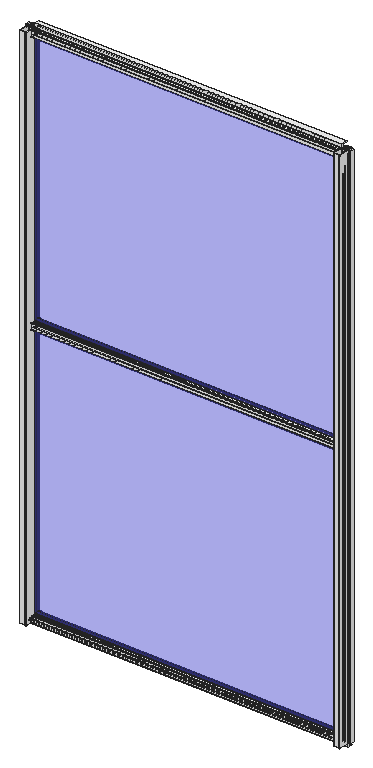
Revit family "Facade_60_Curtain_Wall_E12_Standard", category Windows, host Wall, Revit 2014
Parameters (values of type "F60-E12-3050-1500Pa")
  Windload Design [instance] = if(Custom Windload < 1001 mm, 1000 mm, if(Custom Windload < 1501 mm, 1500 mm, 2000 mm))  # 1000 mm
  Width [instance] = if(Custom Curtain Wall Width < Limit Door Width Min, Limit Door Width Min, if(Custom Curtain Wall Width > Limit Door Width Max, Limit Door Width Max, Custom Curtain Wall Width))  # 2990 mm
  Wall Thickness [instance] = 200 mm
  Vertical Profile Length [instance] = Height - Frame Bottom Gap  # 4960 mm
  URL = "http://www.crealco.co.za/crealco-products.php"
  Type Comments = ""
  Thermal Resistance (R) [instance] = if(IGDB or SAGDB Number = 100100, 1.0000 (m²·K)/W / Intruderprufe U Value, if(IGDB or SAGDB Number = 100100, 1.0000 (m²·K)/W / Intruderprufe U Value, if(IGDB or SAGDB Number = 105003, 1.0000 (m²·K)/W / Intruderprufe Insulated U Value, if(IGDB or SAGDB Number = 105004, 1.0000 (m²·K)/W / Intruderprufe Insulated LowE U Value, 1.0000 (m²·K)/W / 7.9)))) * 1  # 0.126582 (m²·K)/W
  Thermal Break Material = Plastic, Opaque Black
  Solar Heat Gain Coefficient [instance] = if(IGDB or SAGDB Number = 100100, Intruderprufe SHGC Value, if(IGDB or SAGDB Number = 103200, Intruderprufe LowE SHGC Value, if(IGDB or SAGDB Number = 105003, Intruderprufe Insulated SHGC Value, if(IGDB or SAGDB Number = 105004, Intruderprufe Insulated LowE SHGC Value, 0))))  # 0
  Single Glazing [instance] = if(DG Forced, 1 = 0, not(Double Glazing))  # no
  Sill Height = 85 mm  # constant formula
  SG Forced [instance] = not(DG Forced)  # no
  Quarter Expansion Break = no
  Overall Width [instance] = 2990 mm
  Overall Height [instance] = 4990 mm
  Mullion Configuration = 1 mm  # constant formula
  Model = "Façade 60 "  # constant formula
  Mid Transom Bottom Gap [instance] = (Height - Frame Bottom Gap) / 2  # 2480 mm
  Max System DG Unit Thickness = 25 mm  # constant formula
  Max System DG One Piece Thickness [instance] = rounddown((Max System DG Unit Thickness - DG Gasket Thickness) / 2 mm) * 1 mm  # 6 mm
  Max Pane Area [instance] = Glazing Width * Glazing Height  # 7.07344 m²
  Manufacturer = "Crealco"  # constant formula
  Limit Door Width Min = Limit Panel Width Min + (2 * Glazing Side Gap)  # 379.6 mm
  Limit Door Width Max = Limit Panel Width Max + (2 * Glazing Side Gap)  # 3079.6 mm
  Limit Door Height Min = (2 * Limit Panel Height Min) + 69.8 mm + (1 mm * 19.6) + 39.8 mm  # 729.2 mm
  Limit Door Height Max = (2 * Limit Panel Height Max) + 69.8 mm + (1 mm * 19.6) + 39.8 mm  # 12129.2 mm
  Limit Panel Width Min = 300 mm  # constant formula
  Limit Panel Width Max = 3000 mm  # constant formula
  Limit Panel Height Min = 300 mm  # constant formula
  Limit Panel Height Max = 6000 mm  # constant formula
  Sill Length [instance] = Width  # 2990 mm
  Length Sill [instance] = Width  # 2990 mm
  Keynote = ""
  Jamb Width = 60 mm  # constant formula
  Intruderprufe U Value = 5.76
  Intruderprufe SHGC Value = 0.744
  Intruderprufe LowE U Value = 3.99
  Intruderprufe LowE SHGC Value = 0.651
  Intruderprufe Insulated U Value = 2.91
  Intruderprufe Insulated SHGC Value = 0.639
  Intruderprufe Insulated LowE U Value = 0.22
  Intruderprufe Insulated LowE SHGC Value = 0.576
  Horizontal Profile Length [instance] = Width - (2 * Jamb Width)  # 2870 mm
  Half Expansion Break = no
  Glazing Width [instance] = Horizontal Profile Length + (2 mm * 20.2)  # 2910.4 mm
  Glazing Top Gap = 39.8 mm  # constant formula
  Glazing Side Gap = 39.8 mm  # constant formula
  Glazing Height [instance] = (Height - Glazing Top Gap - Glazing Bottom Gap - (60 mm - 20.2 mm - 20.2 mm)) / 2  # 2430.4 mm
  Glazing Gap SG [instance] = (14 mm - SG Thickness) / 2  # 2 mm
  Glazing Gap DG [instance] = (28 mm - (DG Thickness + DG Thickness + DG Gasket Thickness)) / 2  # 2 mm
  Glazing Bottom Gap = 69.8 mm  # constant formula
  Frame Thickness = 101.8 mm  # constant formula
  Frame Bottom Gap = 30 mm  # constant formula
  Door Leaf Height [instance] = 2050 mm
  Double Glazing [instance] = yes
  DG Thickness Calc [instance] = if(not(Max Pane Area > 1.125 m²), 4 mm, if(not(Max Pane Area > 2.25 m²), 4 mm, if(not(Max Pane Area > 3.15 m²), 5 mm, if(not(Max Pane Area > 4.35 m²), 6 mm, if(not(Max Pane Area > 6.45 m²), 8 mm, 10 mm)))))  # 10 mm
  DG Thickness [instance] = if(IGDB or SAGDB Number = 105003, 6 mm, if(IGDB or SAGDB Number = 105004, 7 mm, if(DG Thickness Calc > Max System DG One Piece Thickness, Max System DG One Piece Thickness, DG Thickness Calc)))  # 6 mm
  DG Gasket Thickness = 12 mm  # constant formula
  DG Gasket Finish [instance] = Double Glazing Gasket Material
  DG Forced [instance] = if(IGDB or SAGDB Number = 100100, 1 = 0, if(IGDB or SAGDB Number = 103200, 1 = 0, if(IGDB or SAGDB Number = 105003, 1 = 1, if(IGDB or SAGDB Number = 105004, 1 = 1, Double Glazing))))  # yes
  IGDB or SAGDB Number [instance] = 0
  Height [instance] = if(Custom Curtain Wall Height < Limit Door Height Min, Limit Door Height Min, if(Custom Curtain Wall Height > Limit Door Height Max, Limit Door Height Max, Custom Curtain Wall Height))  # 4990 mm
  Heat Transfer Coefficient (U) [instance] = if(IGDB or SAGDB Number = 100100, Intruderprufe U Value, if(IGDB or SAGDB Number = 103200, Intruderprufe LowE U Value, if(IGDB or SAGDB Number = 105003, Intruderprufe Insulated U Value, if(IGDB or SAGDB Number = 105004, Intruderprufe Insulated LowE U Value, 7.9)))) * 1.0000 W/(m²·K)  # 7.9000 W/(m²·K)
  SG Thickness [instance] = if(IGDB or SAGDB Number = 100100, 6 mm, if(IGDB or SAGDB Number = 103200, 7 mm, if(not(Max Pane Area > 0.75 m²), 4 mm, if(not(Max Pane Area > 1.50 m²), 4 mm, if(not(Max Pane Area > 2.10 m²), 5 mm, if(not(Max Pane Area > 2.90 m²), 6.4 mm, if(not(Max Pane Area > 4.30 m²), 8 mm, 10 mm)))))))  # 10 mm
  Glazing Material [instance] = if(IGDB or SAGDB Number = 100100, "PFG INTRUDERPRUFE 6.38mm", if(IGDB or SAGDB Number = 103200, "PFG INTRUDERPRUFE LOW-E 7.38mm", if(IGDB or SAGDB Number = 105003, "PFG 25mm INTRUDERPRUFE INSULATED GLASS", if(IGDB or SAGDB Number = 105004, "PFG 25mm INTRUDERPRUFE INSULATED GLASS LOW-E", "Unknown"))))  # "Unknown"
  Glazing Finish [instance] = Glass
  Glazing Code [instance] = if(IGDB or SAGDB Number = 100100, "LAM01", if(IGDB or SAGDB Number = 103200, "LAM01E", if(IGDB or SAGDB Number = 105003, "IGU25", if(IGDB or SAGDB Number = 105004, "IGU25E", "Unknown"))))  # "Unknown"
  Frame Offset From Exterior [instance] = if(Centered In Wall, (Wall Thickness - Frame Thickness) / 2, Custom Offset From Exterior) + 5.9 mm  # 55 mm
  Description = "Curtain wall, E12"  # constant formula
  Default Sill Height = 0 mm
  Wall Closure = By host
  Custom Curtain Wall Width = 2990 mm
  Custom Curtain Wall Height = 4990 mm
  Custom Windload = 1000 mm
  Custom Offset From Exterior = 10 mm
  Centered In Wall [instance] = 1 = 1  # yes
  Aluminium Finish [instance] = White Powder Coated Aluminium ANP 1052
  All Available Glazing Numbers [instance] = "The rows below list the available glazing materials for this window:"  # constant formula
  190mm Mullion = if(Mullion Configuration = 3 mm, 1 = 1, 1 = 0)  # no
  160mm Mullion = if(Mullion Configuration = 2 mm, 1 = 1, 1 = 0)  # no
  105004 [instance] = "IGU25E"  # constant formula
  105003 [instance] = "IGU25"  # constant formula
  103200 [instance] = "LAM01E"  # constant formula
  100mm Mullion = if(or(Mullion Configuration = 2 mm, Mullion Configuration = 3 mm), 1 = 0, 1 = 1)  # yes
  100100 [instance] = "LAM01"  # constant formula
Reference planes
  plane 1 "Center (Front/Back)": y = 0
  plane 2 "Center (Left/Right)": x = 0
  plane 3 "Left": x = -1495
  plane 4 "Right": x = 1495
  plane 5 "Sill": z = 0
  plane 6 "Head": z = 4990
  plane 7 "Exterior": y = 100
  plane 8 "Interior": y = -100
Lines and regions (mm)
  Opening 1
    outline origin (3507.082, -100, 0) x (1, 0, 0) y (0, 0, 1)
      loop
        line (-2012.082, 0) -> (-2012.082, 4990) -> (-5002.082, 4990) -> (-5002.082, 0) -> (-2012.082, 0)
Text (mm)
  text "EXTERIOR" at (-1963.203, 1332.353, 0), in view "Ref. Level"
  text "INTERIOR" at (-1981.466, -818.386, 0), in view "Ref. Level"
  text "Exterior" at (0, 923.751, 2943.296), in view "Right"
  text "Exterior" at (0, 1040.484, 2685.409), in view "Left"
Dimensions and locks
  equal spacing: plane 3 "Left", plane 2 "Center (Left/Right)", plane 4 "Right"
  "Width": plane 3 "Left" to plane 4 "Right"
  "Height": plane 5 "Sill" to plane 6 "Head"
  "Default Sill Height": plane 5 "Sill" to level
  locked: plane 7 "Exterior" to host wall at 0
  locked: plane 8 "Interior" to host wall
  "Overall Height": plane 6 "Head" to plane 5 "Sill"
  "Overall Width": plane 3 "Left" to plane 4 "Right"
  "Wall Thickness": host wall to host wall
  "Jamb Width": nested 3 to plane 4 "Right"
  "Jamb Width": nested 5 to plane 4 "Right"
  "Frame Bottom Gap": nested 5 to level
  "Frame Offset From Exterior": nested 1 to plane 7 "Exterior"
  "Glazing Side Gap": nested 6 to plane 4 "Right"
  "Glazing Top Gap": nested 6 to plane 6 "Head"
  "Glazing Gap SG": nested 6 to nested 1
  "Glazing Side Gap": nested 7 to plane 4 "Right"
  "Glazing Top Gap": nested 7 to plane 6 "Head"
  "Glazing Gap DG": nested 7 to nested 1
  "Jamb Width": nested 8 to plane 4 "Right"
  "Mid Transom Bottom Gap": nested 8 to level
  "Glazing Side Gap": nested 9 to plane 4 "Right"
  "Glazing Side Gap": nested 10 to plane 4 "Right"
  "Glazing Gap SG": nested 10 to nested 1
  "Glazing Gap DG": nested 9 to nested 1
  "Glazing Bottom Gap": nested 9 to level
  "Glazing Bottom Gap": nested 10 to level
  locked: nested 1 to nested 5 at 8.887
  aligned and locked: plane 4 "Right" to nested 1
  aligned and locked: nested 1 to plane 6 "Head"
  aligned and locked: plane 3 "Left" to nested 2
  aligned and locked: plane 6 "Head" to nested 2
  aligned and locked: nested 3 to plane 6 "Head"
  aligned and locked: nested 1 to nested 3
  aligned and locked: nested 4 to level
  aligned and locked: plane 4 "Right" to nested 4
  aligned and locked: nested 1 to nested 2
  aligned and locked: nested 5 to nested 4
  aligned and locked: nested 8 to nested 3
Automatic sketch dimensions
  plane 3 "Left" to Opening 1 sketch curve = 0 mm
  plane 4 "Right" to Opening 1 sketch curve = 0 mm
  Opening 1 sketch curve to plane 5 "Sill" = 0 mm
  Opening 1 sketch curve to plane 6 "Head" = 0 mm
Nested families
  nested 1: "F60 Vertical Profile Side_E12_Std" at (1495, -1.058, 30) x (-1, 0, 0) z (0, 0, 1), Thermal Break Material <- "Thermal Break Material", Profile Material <- "Aluminium Finish", Length <- "Vertical Profile Length", Single Glazing <- "SG Forced", Double Glazing <- "DG Forced", 100mm Mullion <- "100mm Mullion", 160mm Mullion <- "160mm Mullion", 190mm Mullion <- "190mm Mullion", Quarter Expansion Break <- "Quarter Expansion Break", Half Expansion Break <- "Half Expansion Break", type "F60 Vertical Profile Side_E12_Std"
    with Thermal Break Material Plastic, Opaque Black, Single Glazing no, Quarter SG Expansion Break no, Quarter Length 1240 mm, Quarter Expansion Break no, Quarter DG Expansion Break no, Quarter 190mm Expansion Break no, Quarter 160mm Expansion Break no, Quarter 100mm Expansion Break no, Profile Material White Powder Coated Aluminium ANP 1052, Length 4960 mm, Half SG Expansion Break no, Half Length 2480 mm, Half Expansion Break no, Half DG Expansion Break no, Half 190mm Expansion Joint no, Half 160mm Expansion Break no, Half 100mm Expansion Break no, Double Glazing yes, 190mm Mullion no, 160mm Mullion no, 100mm Mullion yes
  nested 2: "F60 Vertical Profile Side_E12_Std" at (-1495, -1.058, 30), Thermal Break Material <- "Thermal Break Material", Profile Material <- "Aluminium Finish", Length <- "Vertical Profile Length", Single Glazing <- "SG Forced", Double Glazing <- "DG Forced", 100mm Mullion <- "100mm Mullion", 160mm Mullion <- "160mm Mullion", 190mm Mullion <- "190mm Mullion", Quarter Expansion Break <- "Quarter Expansion Break", Half Expansion Break <- "Half Expansion Break", type "F60 Vertical Profile Side_E12_Std"
    with Thermal Break Material Plastic, Opaque Black, Single Glazing no, Quarter SG Expansion Break no, Quarter Length 1240 mm, Quarter Expansion Break no, Quarter DG Expansion Break no, Quarter 190mm Expansion Break no, Quarter 160mm Expansion Break no, Quarter 100mm Expansion Break no, Profile Material White Powder Coated Aluminium ANP 1052, Length 4960 mm, Half SG Expansion Break no, Half Length 2480 mm, Half Expansion Break no, Half DG Expansion Break no, Half 190mm Expansion Joint no, Half 160mm Expansion Break no, Half 100mm Expansion Break no, Double Glazing yes, 190mm Mullion no, 160mm Mullion no, 100mm Mullion yes
  nested 3: "F60 Horizontal Profile Top_E12_Std" at (1435, -50.858, 4930) x (-1, 0, 0) z (0, 0, 1), Thermal Break Material <- "Thermal Break Material", Profile Material <- "Aluminium Finish", Length <- "Horizontal Profile Length", Single Glazing <- "SG Forced", Double Glazing <- "DG Forced", type "F60 Horizontal Profile Top_E12_Std"
    with Thermal Break Material Plastic, Opaque Black, Single Glazing no, Profile Material White Powder Coated Aluminium ANP 1052, Length 2870 mm, Double Glazing yes
  nested 4: "F60 Sill_E12_Std" at (1495, -13.486, -1.88) x (-1, 0, 0) z (0, 0, 1), Profile Material <- "Aluminium Finish", Length Sill <- "Length Sill", type "F60 Sill_E12_Std"
    with Profile Material White Powder Coated Aluminium ANP 1052, Length Sill 2990 mm
  nested 5: "F60 Horizontal Profile Bottom_E12_Std" at (1435, -50.858, 30) x (-1, 0, 0) z (0, 0, 1), Thermal Break Material <- "Thermal Break Material", Profile Material <- "Aluminium Finish", Length <- "Horizontal Profile Length", Single Glazing <- "SG Forced", Double Glazing <- "DG Forced", type "F60 Horizontal Profile Bottom_E12_Std"
    with Thermal Break Material Plastic, Opaque Black, Single Glazing no, Profile Material White Powder Coated Aluminium ANP 1052, Length 2870 mm, Double Glazing yes
  nested 6: "F60_Single_Glazing_E12_Std" at (1455.2, 10.942, 2519.8), Glazing Width <- "Glazing Width", Glazing Height <- "Glazing Height", SG Thickness <- "SG Thickness", Glazing Finish <- "Glazing Finish", visible <- "SG Forced", type "F60_Single_Glazing_E12_Std"
    with SG Thickness 10 mm, Glazing Width 2910.4 mm, Glazing Height 2430.4 mm, Glazing Finish Glass
  nested 7: "F60_Double_Glazing_E12_Std" at (1455.2, 24.942, 2519.8), Glazing Material <- "Glazing Finish", Double Glazing Gasket Material <- "DG Gasket Finish", Glazing Width <- "Glazing Width", Glazing Height <- "Glazing Height", Glazing Thickness DG <- "DG Thickness", Double Glazing Gasket Thickness <- "DG Gasket Thickness", visible <- "DG Forced", type "F60_Double_Glazing_E12_Std"
    with Glazing Width 2910.4 mm, Glazing Thickness DG 6 mm, Glazing Material Glass, Glazing Height 2430.4 mm, Double Glazing Gasket Thickness 12 mm, Double Glazing Gasket Material Double Glazing Gasket Material
  nested 8: "F60 Horizontal Profile Middle_E12_Std" at (1435, -50.858, 2480) x (-1, 0, 0) z (0, 0, 1), Thermal Break Material <- "Thermal Break Material", Profile Material <- "Aluminium Finish", Length <- "Horizontal Profile Length", Single Glazing <- "SG Forced", Double Glazing <- "DG Forced", type "F60 Horizontal Profile Middle_E12_Std"
    with Thermal Break Material Plastic, Opaque Black, Single Glazing no, Profile Material White Powder Coated Aluminium ANP 1052, Length 2870 mm, Double Glazing yes
  nested 9: "F60_Double_Glazing_E12_Std" at (1455.2, 24.942, 69.8), Glazing Material <- "Glazing Finish", Double Glazing Gasket Material <- "DG Gasket Finish", Glazing Width <- "Glazing Width", Glazing Height <- "Glazing Height", Glazing Thickness DG <- "DG Thickness", Double Glazing Gasket Thickness <- "DG Gasket Thickness", visible <- "DG Forced", type "F60_Double_Glazing_E12_Std"
    with Glazing Width 2910.4 mm, Glazing Thickness DG 6 mm, Glazing Material Glass, Glazing Height 2430.4 mm, Double Glazing Gasket Thickness 12 mm, Double Glazing Gasket Material Double Glazing Gasket Material
  nested 10: "F60_Single_Glazing_E12_Std" at (1455.2, 10.942, 69.8), Glazing Width <- "Glazing Width", Glazing Height <- "Glazing Height", SG Thickness <- "SG Thickness", Glazing Finish <- "Glazing Finish", visible <- "SG Forced", type "F60_Single_Glazing_E12_Std"
    with SG Thickness 10 mm, Glazing Width 2910.4 mm, Glazing Height 2430.4 mm, Glazing Finish Glass
Definition of nested family "F60 Vertical Profile Side_E12_Std"
  Parameters (values of type "F60 Vertical Profile Side")
    Quarter SG Expansion Break [instance] = if(and(Quarter Expansion Break, Single Glazing), 1 = 1, 1 = 0)  # yes
    Quarter Length [instance] = Length / 4  # 62.5 mm
    Thermal Break Material [instance] = none
    Single Glazing [instance] = yes
    Quarter Expansion Break [instance] = yes
    Quarter DG Expansion Break [instance] = if(and(Quarter Expansion Break, Double Glazing), 1 = 1, 1 = 0)  # yes
    Quarter 190mm Expansion Break [instance] = if(and(Quarter Expansion Break, [190mm Mullion]), 1 = 1, 1 = 0)  # yes
    Quarter 160mm Expansion Break [instance] = if(and(Quarter Expansion Break, [160mm Mullion]), 1 = 1, 1 = 0)  # yes
    Quarter 100mm Expansion Break [instance] = if(and(Quarter Expansion Break, [100mm Mullion]), 1 = 1, 1 = 0)  # yes
    Profile Material [instance] = none
    Length [instance] = 250 mm
    Half SG Expansion Break [instance] = if(and(Half Expansion Break, Single Glazing), 1 = 1, 1 = 0)  # yes
    Half Length [instance] = Length / 2  # 125 mm
    Half Expansion Break [instance] = yes
    Half DG Expansion Break [instance] = if(and(Half Expansion Break, Double Glazing), 1 = 1, 1 = 0)  # yes
    Half 190mm Expansion Joint [instance] = if(and(Half Expansion Break, [190mm Mullion]), 1 = 1, 1 = 0)  # yes
    Half 160mm Expansion Break [instance] = if(and(Half Expansion Break, [160mm Mullion]), 1 = 1, 1 = 0)  # yes
    Half 100mm Expansion Break [instance] = if(and(Half Expansion Break, [100mm Mullion]), 1 = 1, 1 = 0)  # yes
    Double Glazing [instance] = yes
    190mm Mullion [instance] = yes
    160mm Mullion [instance] = yes
    100mm Mullion [instance] = yes
  Reference planes
    plane 1 "Center (Front/Back)": y = 0
    plane 2: z = 0
    plane 3 "Center (Left/Right)": x = 0
  Forms (mm)
    Extrusion 1, solid, material <- "Profile Material"
      sketch origin (0, 0, 0) x (1, 0, 0) y (0, 1, 0)
        loop
          arc (25.249, -8.7) -> (25.484, -9.266) -> (26.049, -9.5) r 0.8
          line (26.049, -9.5) -> (27.1, -9.5) -> (27.1, 7) -> (32.902, 7) -> (32.902, -9.5) -> (33.951, -9.5)
          arc (33.951, -9.5) -> (34.516, -9.266) -> (34.751, -8.7) r 0.8
          line (34.751, -8.7) -> (34.751, 6.2)
          arc (34.751, 6.2) -> (34.985, 6.766) -> (35.551, 7) r 0.8
          line (35.551, 7) -> (52.1, 7) -> (52.1, 5.4) -> (50.55, 5.4) -> (50.55, 4.55)
          arc (50.55, 4.55) -> (50.726, 4.126) -> (51.15, 3.95) r 0.6
          line (51.15, 3.95) -> (52.1, 3.95) -> (52.1, 1)
          arc (52.1, 1) -> (51.6, 0.5) -> (52.1, 0) r 0.5
          line (52.1, 0) -> (54.45, 0) -> (54.45, 1.15) -> (53.3, 1.15) -> (53.3, 2.45) -> (58.8, 2.45) -> (58.8, 1.15) -> (57.65, 1.15) -> (57.65, 0) -> (59.5, 0)
          arc (59.5, 0) -> (59.854, 0.146) -> (60, 0.5) r 0.5
          line (60, 0.5) -> (60, 3.9) -> (53.55, 3.9) -> (53.55, 7.6)
          arc (53.55, 7.6) -> (53.316, 8.166) -> (52.75, 8.4) r 0.8
          line (52.75, 8.4) -> (30, 8.4) -> (7.25, 8.4)
          arc (7.25, 8.4) -> (6.684, 8.166) -> (6.45, 7.6) r 0.8
          line (6.45, 7.6) -> (6.45, 3.9) -> (0, 3.9) -> (0, 0.5)
          arc (0, 0.5) -> (0.146, 0.146) -> (0.5, 0) r 0.5
          line (0.5, 0) -> (2.35, 0) -> (2.35, 1.15) -> (1.2, 1.15) -> (1.2, 2.45) -> (6.7, 2.45) -> (6.7, 1.15) -> (5.55, 1.15) -> (5.55, 0) -> (7.9, 0)
          arc (7.9, 0) -> (8.4, 0.5) -> (7.9, 1) r 0.5
          line (7.9, 1) -> (7.9, 3.95) -> (8.85, 3.95)
          arc (8.85, 3.95) -> (9.274, 4.126) -> (9.45, 4.55) r 0.6
          line (9.45, 4.55) -> (9.45, 5.4) -> (7.9, 5.4) -> (7.9, 7) -> (24.449, 7)
          arc (24.449, 7) -> (25.015, 6.766) -> (25.249, 6.2) r 0.8
          line (25.249, 6.2) -> (25.249, -8.7)
      from 0 to 250 <- "Length"
    Extrusion 2, solid, material <- "Thermal Break Material"
      sketch origin (0, 0, 0) x (1, 0, 0) y (0, 1, 0)
        loop
          line (1.75, 9.8) -> (1.75, 5.2) -> (0, 5.2) -> (0, 3.9) -> (6.35, 3.9) -> (6.35, 7.856)
          arc (6.35, 7.856) -> (6.526, 8.281) -> (6.95, 8.456) r 0.6
          line (6.95, 8.456) -> (30, 8.456) -> (53.05, 8.456)
          arc (53.05, 8.456) -> (53.474, 8.281) -> (53.65, 7.856) r 0.6
          line (53.65, 7.856) -> (53.65, 3.9) -> (60, 3.9) -> (60, 5.2) -> (58.25, 5.2) -> (58.25, 9.8) -> (30, 9.8) -> (1.75, 9.8)
      from 0 to 250 <- "Length"
    Extrusion 3, solid, material <- "Thermal Break Material", visible <- "Single Glazing"
      sketch origin (0, 0, 0) x (1, 0, 0) y (0, 1, 0)
        loop
          line (25.749, -14.011) -> (27.672, -14.011) -> (28.481, -12.611) -> (31.518, -12.611) -> (32.327, -14.011) -> (34.249, -14.011)
          arc (34.249, -14.011) -> (34.603, -13.864) -> (34.749, -13.511) r 0.5
          line (34.749, -13.511) -> (34.749, -10.011)
          arc (34.749, -10.011) -> (34.603, -9.657) -> (34.249, -9.511) r 0.5
          line (34.249, -9.511) -> (32.352, -9.511) -> (32.352, 0.19) -> (31.349, 2.261)
          arc (31.349, 2.261) -> (29.999, 2.986) -> (28.649, 2.261) r 1.62
          line (28.649, 2.261) -> (27.647, 0.19) -> (27.647, -9.511) -> (25.749, -9.511)
          arc (25.749, -9.511) -> (25.396, -9.657) -> (25.249, -10.011) r 0.5
          line (25.249, -10.011) -> (25.249, -13.511)
          arc (25.249, -13.511) -> (25.396, -13.864) -> (25.749, -14.011) r 0.5
        loop
          line (28.504, -10.005) -> (28.504, -10.861)
          arc (28.504, -10.861) -> (28.651, -11.214) -> (29.004, -11.361) r 0.5
          line (29.004, -11.361) -> (30.994, -11.361)
          arc (30.994, -11.361) -> (31.348, -11.214) -> (31.494, -10.861) r 0.5
          line (31.494, -10.861) -> (31.494, -10.005) -> (30.708, -9.219)
          arc (30.708, -9.219) -> (30.383, -9.001) -> (29.999, -8.924) r 1.007
          arc (29.999, -8.924) -> (29.616, -8.999) -> (29.292, -9.217) r 0.986
          line (29.292, -9.217) -> (28.504, -10.005)
        loop
          arc (30.896, 1.935) -> (29.887, 2.44) -> (29.005, 1.735) r 1.047
          line (29.005, 1.735) -> (28.347, 0.374) -> (28.347, -6.993)
          arc (28.347, -6.993) -> (28.583, -7.417) -> (29.068, -7.441) r 0.5
          arc (29.068, -7.441) -> (29.999, -7.223) -> (30.93, -7.441) r 2.099
          arc (30.93, -7.441) -> (31.416, -7.417) -> (31.652, -6.993) r 0.5
          line (31.652, -6.993) -> (31.652, 0.374) -> (30.896, 1.935)
      from 0 to 250 <- "Length"
    Extrusion 4, solid, material <- "Profile Material", visible <- "Single Glazing"
      sketch origin (0, 0, 0) x (1, 0, 0) y (0, 1, 0)
        loop
          line (52.693, -14.011) -> (32.327, -14.011) -> (31.519, -12.611) -> (28.481, -12.611) -> (27.673, -14.011) -> (7.307, -14.011) -> (7.307, -15.011) -> (8.457, -15.011) -> (8.457, -16.261) -> (2.957, -16.261) -> (2.957, -15.011) -> (4.107, -15.011) -> (4.107, -14.011) -> (1.707, -14.011)
          arc (1.707, -14.011) -> (1.199, -14.293) -> (1.168, -14.873) r 0.6
          line (1.168, -14.873) -> (2.093, -16.772) -> (1.015, -17.298) -> (1.484, -18.261) -> (11.488, -18.261)
          arc (11.488, -18.261) -> (11.913, -18.085) -> (12.088, -17.661) r 0.6
          line (12.088, -17.661) -> (12.088, -16.811) -> (47.912, -16.811) -> (47.912, -17.661)
          arc (47.912, -17.661) -> (48.088, -18.085) -> (48.512, -18.261) r 0.6
          line (48.512, -18.261) -> (58.518, -18.261) -> (58.987, -17.298) -> (57.908, -16.772) -> (58.834, -14.874)
          arc (58.834, -14.874) -> (58.802, -14.293) -> (58.293, -14.011) r 0.6
          line (58.293, -14.011) -> (55.893, -14.011) -> (55.893, -15.011) -> (57.043, -15.011) -> (57.043, -16.261) -> (51.543, -16.261) -> (51.543, -15.011) -> (52.693, -15.011) -> (52.693, -14.011)
      from 0 to 250 <- "Length"
    Extrusion 5, solid, material <- "Profile Material", visible <- "Single Glazing"
      sketch origin (0, 0, 0) x (1, 0, 0) y (0, 1, 0)
        loop
          line (2.801, -18.261) -> (1.484, -18.261) -> (1.015, -17.298) -> (2.093, -16.772) -> (0.779, -14.076)
          arc (0.779, -14.076) -> (0.239, -14.21) -> (0.001, -14.713) r 0.65
          line (0.001, -14.713) -> (0.001, -28.068)
          arc (0.001, -28.068) -> (1.172, -30.897) -> (4.001, -32.068) r 4
          line (4.001, -32.068) -> (30.001, -32.068) -> (56.001, -32.068)
          arc (56.001, -32.068) -> (58.829, -30.897) -> (60.001, -28.068) r 4
          line (60.001, -28.068) -> (60.001, -14.713)
          arc (60.001, -14.713) -> (59.763, -14.21) -> (59.223, -14.076) r 0.65
          line (59.223, -14.076) -> (57.908, -16.772) -> (58.987, -17.298) -> (58.518, -18.261) -> (57.201, -18.261)
          arc (57.201, -18.261) -> (56.83, -18.425) -> (56.703, -18.811) r 0.5
          arc (56.703, -18.811) -> (56.83, -19.196) -> (57.201, -19.361) r 0.5
          line (57.201, -19.361) -> (58.951, -19.361) -> (58.951, -27.968)
          arc (58.951, -27.968) -> (58.131, -29.948) -> (56.151, -30.768) r 2.8
          line (56.151, -30.768) -> (30.001, -30.768) -> (3.851, -30.768)
          arc (3.851, -30.768) -> (1.871, -29.948) -> (1.051, -27.968) r 2.8
          line (1.051, -27.968) -> (1.051, -19.361) -> (2.801, -19.361)
          arc (2.801, -19.361) -> (3.172, -19.196) -> (3.298, -18.811) r 0.5
          arc (3.298, -18.811) -> (3.172, -18.425) -> (2.801, -18.261) r 0.5
      from 0 to 250 <- "Length"
    Extrusion 6, solid, material <- "Profile Material", visible <- "100mm Mullion"
      sketch origin (0, 0, 0) x (1, 0, 0) y (0, 1, 0)
        loop
          line (14.02, 13) -> (45.98, 13)
          arc (45.98, 13) -> (46.539, 12.842) -> (46.917, 12.4) r 1
          arc (46.917, 12.4) -> (47.285, 11.963) -> (47.833, 11.8) r 1
          line (47.833, 11.8) -> (58.15, 11.8) -> (58.15, 96.3) -> (47.833, 96.3)
          arc (47.833, 96.3) -> (47.285, 96.137) -> (46.917, 95.7) r 1
          arc (46.917, 95.7) -> (46.548, 95.263) -> (46, 95.1) r 1
          line (46, 95.1) -> (14, 95.1)
          arc (14, 95.1) -> (13.452, 95.263) -> (13.083, 95.7) r 1
          arc (13.083, 95.7) -> (12.715, 96.137) -> (12.167, 96.3) r 1
          line (12.167, 96.3) -> (1.85, 96.3) -> (1.85, 11.8) -> (12.167, 11.8)
          arc (12.167, 11.8) -> (12.715, 11.963) -> (13.083, 12.4) r 1
          arc (13.083, 12.4) -> (13.461, 12.842) -> (14.02, 13) r 1
        loop
          line (1.65, 9.856) -> (58.35, 9.856) -> (58.35, 5.2) -> (60, 5.2) -> (60, 98.8)
          arc (60, 98.8) -> (59.707, 99.507) -> (59, 99.8) r 1
          line (59, 99.8) -> (1, 99.8)
          arc (1, 99.8) -> (0.293, 99.507) -> (0, 98.8) r 1
          line (0, 98.8) -> (0, 5.2) -> (1.65, 5.2) -> (1.65, 9.856)
      from 0 to 250 <- "Length"
    Extrusion 7, solid, material <- "Profile Material", visible <- "160mm Mullion"
      sketch origin (0, 0, 0) x (1, 0, 0) y (0, 1, 0)
        loop
          arc (2.35, 15.6) -> (2.526, 15.176) -> (2.95, 15) r 0.6
          line (2.95, 15) -> (57.05, 15)
          arc (57.05, 15) -> (57.474, 15.176) -> (57.65, 15.6) r 0.6
          line (57.65, 15.6) -> (57.65, 153.7)
          arc (57.65, 153.7) -> (57.474, 154.124) -> (57.05, 154.3) r 0.6
          line (57.05, 154.3) -> (47.833, 154.3)
          arc (47.833, 154.3) -> (47.285, 154.137) -> (46.917, 153.7) r 1
          arc (46.917, 153.7) -> (46.548, 153.263) -> (46, 153.1) r 1
          line (46, 153.1) -> (14, 153.1)
          arc (14, 153.1) -> (13.452, 153.263) -> (13.083, 153.7) r 1
          arc (13.083, 153.7) -> (12.715, 154.137) -> (12.167, 154.3) r 1
          line (12.167, 154.3) -> (2.95, 154.3)
          arc (2.95, 154.3) -> (2.526, 154.124) -> (2.35, 153.7) r 0.6
          line (2.35, 153.7) -> (2.35, 15.6)
        loop
          arc (1, 159.8) -> (0.293, 159.507) -> (0, 158.8) r 1
          line (0, 158.8) -> (0, 5.2) -> (1.65, 5.2) -> (1.65, 10.013) -> (58.35, 10.013) -> (58.35, 5.2) -> (60, 5.2) -> (60, 158.8)
          arc (60, 158.8) -> (59.707, 159.507) -> (59, 159.8) r 1
          line (59, 159.8) -> (1, 159.8)
      from 0 to 250 <- "Length"
    Extrusion 8, solid, material <- "Profile Material", visible <- "190mm Mullion"
      sketch origin (0, 0, 0) x (1, 0, 0) y (0, 1, 0)
        loop
          line (57.25, 15.1) -> (57.25, 178.3)
          arc (57.25, 178.3) -> (56.957, 179.007) -> (56.25, 179.3) r 1
          line (56.25, 179.3) -> (3.75, 179.3)
          arc (3.75, 179.3) -> (3.043, 179.007) -> (2.75, 178.3) r 1
          line (2.75, 178.3) -> (2.75, 15.1)
          arc (2.75, 15.1) -> (2.984, 14.534) -> (3.55, 14.3) r 0.8
          line (3.55, 14.3) -> (56.45, 14.3)
          arc (56.45, 14.3) -> (57.016, 14.534) -> (57.25, 15.1) r 0.8
        loop
          line (60, 5.2) -> (60, 188.8)
          arc (60, 188.8) -> (59.707, 189.507) -> (59, 189.8) r 1
          line (59, 189.8) -> (1, 189.8)
          arc (1, 189.8) -> (0.293, 189.507) -> (0, 188.8) r 1
          line (0, 188.8) -> (0, 5.2) -> (1.65, 5.2) -> (1.65, 9.856) -> (58.35, 9.856) -> (58.35, 5.2) -> (60, 5.2)
      from 0 to 250 <- "Length"
    Extrusion 9, solid, material <- "Thermal Break Material", visible <- "Double Glazing"
      sketch origin (0, 0, 0) x (1, 0, 0) y (0, 1, 0)
        loop
          line (27.672, -28) -> (28.48, -26.6) -> (31.518, -26.6) -> (32.326, -28) -> (34.249, -28)
          arc (34.249, -28) -> (34.603, -27.854) -> (34.749, -27.5) r 0.5
          line (34.749, -27.5) -> (34.749, -10)
          arc (34.749, -10) -> (34.603, -9.646) -> (34.249, -9.5) r 0.5
          line (34.249, -9.5) -> (32.352, -9.5) -> (32.352, 0.198) -> (31.348, 2.272)
          arc (31.348, 2.272) -> (29.998, 2.997) -> (28.648, 2.272) r 1.62
          line (28.648, 2.272) -> (27.645, 0.201) -> (27.645, -9.5) -> (25.749, -9.5)
          arc (25.749, -9.5) -> (25.396, -9.646) -> (25.249, -10) r 0.5
          line (25.249, -10) -> (25.249, -27.5)
          arc (25.249, -27.5) -> (25.396, -27.854) -> (25.749, -28) r 0.5
          line (25.749, -28) -> (27.672, -28)
        loop
          arc (30.706, -9.206) -> (30.382, -8.99) -> (29.999, -8.913) r 1.007
          arc (29.999, -8.913) -> (29.616, -8.988) -> (29.292, -9.206) r 0.986
          line (29.292, -9.206) -> (27.142, -11.356)
          arc (27.142, -11.356) -> (26.926, -11.68) -> (26.849, -12.063) r 1
          line (26.849, -12.063) -> (26.849, -24)
          arc (26.849, -24) -> (27.142, -24.707) -> (27.849, -25) r 1
          line (27.849, -25) -> (32.149, -25)
          arc (32.149, -25) -> (32.856, -24.707) -> (33.149, -24) r 1
          line (33.149, -24) -> (33.149, -12.063)
          arc (33.149, -12.063) -> (33.073, -11.68) -> (32.856, -11.356) r 1
          line (32.856, -11.356) -> (30.706, -9.206)
        loop
          arc (28.345, -6.982) -> (28.581, -7.407) -> (29.067, -7.43) r 0.5
          arc (29.067, -7.43) -> (29.998, -7.213) -> (30.929, -7.43) r 2.099
          arc (30.929, -7.43) -> (31.414, -7.407) -> (31.651, -6.982) r 0.5
          line (31.651, -6.982) -> (31.651, 0.385) -> (30.895, 1.946)
          arc (30.895, 1.946) -> (29.885, 2.45) -> (29.004, 1.745) r 1.047
          line (29.004, 1.745) -> (28.345, 0.385) -> (28.345, -6.982)
      from 0 to 250 <- "Length"
    Extrusion 10, solid, material <- "Profile Material", visible <- "Double Glazing"
      sketch origin (0, 0, 0) x (1, 0, 0) y (0, 1, 0)
        loop
          line (52.692, -28) -> (32.327, -28) -> (31.518, -26.6) -> (28.48, -26.6) -> (27.672, -28) -> (7.306, -28) -> (7.306, -29) -> (8.456, -29) -> (8.456, -30.25) -> (2.956, -30.25) -> (2.956, -29) -> (4.106, -29) -> (4.106, -28) -> (1.706, -28)
          arc (1.706, -28) -> (1.198, -28.282) -> (1.167, -28.863) r 0.6
          line (1.167, -28.863) -> (2.093, -30.762) -> (1.014, -31.288) -> (1.483, -32.25) -> (11.488, -32.25)
          arc (11.488, -32.25) -> (11.912, -32.074) -> (12.088, -31.65) r 0.6
          line (12.088, -31.65) -> (12.088, -30.8) -> (47.911, -30.8) -> (47.911, -31.65)
          arc (47.911, -31.65) -> (48.087, -32.074) -> (48.511, -32.25) r 0.6
          line (48.511, -32.25) -> (58.517, -32.25) -> (58.986, -31.288) -> (57.907, -30.762) -> (58.833, -28.864)
          arc (58.833, -28.864) -> (58.801, -28.282) -> (58.292, -28) r 0.6
          line (58.292, -28) -> (55.892, -28) -> (55.892, -29) -> (57.042, -29) -> (57.042, -30.25) -> (51.542, -30.25) -> (51.542, -29) -> (52.692, -29) -> (52.692, -28)
      from 0 to 250 <- "Length"
    Extrusion 11, solid, material <- "Profile Material", visible <- "Double Glazing"
      sketch origin (0, 0, 0) x (1, 0, 0) y (0, 1, 0)
        loop
          line (2.8, -32.25) -> (1.483, -32.25) -> (1.014, -31.288) -> (2.093, -30.762) -> (0.778, -28.065)
          arc (0.778, -28.065) -> (0.238, -28.2) -> (0, -28.702) r 0.65
          line (0, -28.702) -> (0, -42.058)
          arc (0, -42.058) -> (1.172, -44.886) -> (4, -46.058) r 4
          line (4, -46.058) -> (30, -46.058) -> (56, -46.058)
          arc (56, -46.058) -> (58.828, -44.886) -> (60, -42.058) r 4
          line (60, -42.058) -> (60, -28.702)
          arc (60, -28.702) -> (59.762, -28.2) -> (59.222, -28.065) r 0.65
          line (59.222, -28.065) -> (57.907, -30.762) -> (58.986, -31.288) -> (58.517, -32.25) -> (57.2, -32.25)
          arc (57.2, -32.25) -> (56.829, -32.415) -> (56.703, -32.8) r 0.5
          arc (56.703, -32.8) -> (56.829, -33.185) -> (57.2, -33.35) r 0.5
          line (57.2, -33.35) -> (58.95, -33.35) -> (58.95, -41.958)
          arc (58.95, -41.958) -> (58.13, -43.938) -> (56.15, -44.758) r 2.8
          line (56.15, -44.758) -> (30, -44.758) -> (3.85, -44.758)
          arc (3.85, -44.758) -> (1.87, -43.938) -> (1.05, -41.958) r 2.8
          line (1.05, -41.958) -> (1.05, -33.35) -> (2.8, -33.35)
          arc (2.8, -33.35) -> (3.171, -33.185) -> (3.297, -32.8) r 0.5
          arc (3.297, -32.8) -> (3.171, -32.415) -> (2.8, -32.25) r 0.5
      from 0 to 250 <- "Length"
    Extrusion 12, solid, material <- "Profile Material", visible <- "Single Glazing"
      sketch origin (0, 0, 0) x (1, 0, 0) y (0, 1, 0)
        loop
          line (10.403, -10.171) -> (10.403, -3.821) -> (-21.349, -3.821) -> (-21.349, -35.567) -> (-14.999, -35.567) -> (-14.999, -10.171) -> (10.403, -10.171)
      from 0 to 250 <- "Length"
    Extrusion 13, solid, material <- "Profile Material", visible <- "Double Glazing"
      sketch origin (0, 0, 0) x (1, 0, 0) y (0, 1, 0)
        loop
          line (10.402, -7.775) -> (10.402, -1.425) -> (-21.35, -1.425) -> (-21.35, -33.172) -> (-15, -33.172) -> (-15, -7.775) -> (10.402, -7.775)
      from 0 to 250 <- "Length"
    Extrusion 14, solid, material <- "Profile Material", visible <- "Double Glazing"
      sketch origin (0, 0, 0) x (1, 0, 0) y (0, 1, 0)
        loop
          line (12, -7.775) -> (0, -7.775) -> (0, -25.775) -> (12, -25.775) -> (12, -7.775)
        loop
          line (10.8, -8.975) -> (1.2, -8.975) -> (1.2, -24.575) -> (10.8, -24.575) -> (10.8, -8.975)
      from 0 to 250 <- "Length"
  Lines and regions (mm)
    model lines, style "GenericModelHiddenLines", visible <- "Half 100mm Expansion Break"
      curve 1: line (60, 5.2, 125) -> (60, 95.2, 125)
      curve 2: line (60, 99.8, 125) -> (0, 99.8, 125)
      curve 8: line (0, 5.2, 125) -> (0, 95.2, 125)
    model lines, style "GenericModelHiddenLines", visible <- "Quarter 100mm Expansion Break"
      curve 3: line (60, 5.2, 187.5) -> (60, 95.2, 187.5)
      curve 4: line (60, 5.2, 62.5) -> (60, 95.2, 62.5)
      curve 5: line (60, 99.8, 62.5) -> (0, 99.8, 62.5)
      curve 6: line (60, 99.8, 187.5) -> (0, 99.8, 187.5)
      curve 7: line (0, 5.2, 187.5) -> (0, 95.2, 187.5)
      curve 9: line (0, 5.2, 62.5) -> (0, 95.2, 62.5)
    model lines, style "GenericModelHiddenLines", visible <- "Half SG Expansion Break"
      curve 10: line (4.107, -32.068, 125) -> (55.893, -32.068, 125)
      curve 14: line (60.001, -14.011, 125) -> (60.001, -32.068, 125)
    model lines, style "GenericModelHiddenLines", visible <- "Quarter SG Expansion Break"
      curve 11: line (4.107, -32.068, 187.5) -> (56.703, -32.068, 187.5)
      curve 12: line (4.107, -32.068, 62.5) -> (56.703, -32.068, 62.5)
      curve 13: line (60.001, -14.011, 187.5) -> (60.001, -32.068, 187.5)
      curve 15: line (60.001, -14.011, 62.5) -> (60.001, -32.068, 62.5)
    model lines, style "GenericModelHiddenLines", visible <- "Quarter 160mm Expansion Break"
      curve 16: line (0, 5.2, 187.5) -> (0, 155.2, 187.5)
      curve 18: line (0, 5.2, 62.5) -> (0, 155.2, 62.5)
      curve 19: line (0, 159.8, 187.5) -> (60, 159.8, 187.5)
      curve 21: line (0, 159.8, 62.5) -> (60, 159.8, 62.5)
      curve 22: line (60, 5.2, 187.5) -> (60, 155.2, 187.5)
      curve 24: line (60, 5.2, 62.5) -> (60, 155.2, 62.5)
    model lines, style "GenericModelHiddenLines", visible <- "Half 160mm Expansion Break"
      curve 17: line (0, 5.2, 125) -> (0, 155.2, 125)
      curve 20: line (0, 159.8, 125) -> (60, 159.8, 125)
      curve 23: line (60, 5.2, 125) -> (60, 155.2, 125)
    model lines, style "GenericModelHiddenLines", visible <- "Quarter 190mm Expansion Break"
      curve 25: line (0, 5.2, 187.5) -> (0, 185.2, 187.5)
      curve 27: line (0, 5.2, 62.5) -> (0, 185.2, 62.5)
      curve 28: line (0.779, 189.8, 187.5) -> (59.222, 189.8, 187.5)
      curve 30: line (0.779, 189.8, 62.5) -> (59.222, 189.8, 62.5)
      curve 31: line (60, 5.2, 187.5) -> (60, 185.2, 187.5)
      curve 33: line (60, 5.2, 62.5) -> (60, 185.2, 62.5)
    model lines, style "GenericModelHiddenLines", visible <- "Half 190mm Expansion Joint"
      curve 26: line (0, 5.2, 125) -> (0, 185.2, 125)
      curve 29: line (0.779, 189.8, 125) -> (59.222, 189.8, 125)
      curve 32: line (60, 5.2, 125) -> (60, 185.2, 125)
    model lines, style "GenericModelHiddenLines", visible <- "Quarter DG Expansion Break"
      curve 34: line (60, -28.065, 187.5) -> (60, -46.074, 187.5)
      curve 36: line (60, -28.065, 62.5) -> (60, -46.027, 62.5)
      curve 37: line (59.222, -46.058, 187.5) -> (0.779, -46.058, 187.5)
      curve 39: line (59.222, -46.058, 62.5) -> (0.779, -46.058, 62.5)
    model lines, style "GenericModelHiddenLines", visible <- "Half DG Expansion Break"
      curve 35: line (60, -28.065, 125) -> (60, -46.074, 125)
      curve 38: line (59.222, -46.058, 125) -> (0.779, -46.058, 125)
  Dimensions and locks
    "Half Length": curve 1 to level
    "Half Length": level to curve 2
    "Quarter Length": curve 4 to level
    "Quarter Length": Extrusion 8 to curve 3
    "Quarter Length": level to curve 5
    "Quarter Length": curve 6 to Extrusion 6
    "Quarter Length": curve 9 to level
    "Half Length": curve 8 to level
    "Quarter Length": Extrusion 8 to curve 7
    "Quarter Length": curve 12 to level
    "Half Length": curve 10 to level
    "Quarter Length": Extrusion 5 to curve 11
    "Quarter Length": curve 15 to level
    "Half Length": curve 14 to level
    "Quarter Length": Extrusion 5 to curve 13
    "Quarter Length": Extrusion 7 to curve 18
    "Half Length": Extrusion 7 to curve 17
    "Quarter Length": Extrusion 7 to curve 16
    "Quarter Length": Extrusion 7 to curve 21
    "Quarter Length": curve 19 to Extrusion 7
    "Half Length": Extrusion 7 to curve 20
    "Quarter Length": Extrusion 7 to curve 24
    "Quarter Length": Extrusion 7 to curve 22
    "Half Length": Extrusion 7 to curve 23
    "Quarter Length": Extrusion 8 to curve 27
    "Quarter Length": Extrusion 8 to curve 25
    "Half Length": Extrusion 8 to curve 26
    "Quarter Length": Extrusion 8 to curve 30
    "Quarter Length": curve 28 to Extrusion 8
    "Half Length": Extrusion 8 to curve 29
    "Quarter Length": Extrusion 8 to curve 33
    "Quarter Length": Extrusion 8 to curve 31
    "Half Length": Extrusion 8 to curve 32
    "Quarter Length": Extrusion 11 to curve 36
    "Quarter Length": Extrusion 11 to curve 34
    "Half Length": Extrusion 11 to curve 35
    "Quarter Length": Extrusion 11 to curve 37
    "Quarter Length": curve 39 to Extrusion 11
    "Half Length": curve 38 to Extrusion 11
    aligned and locked: level to plane 2
  Automatic sketch dimensions
    Extrusion 1 sketch curve to plane 3 "Center (Left/Right)" = 0 mm
    plane 1 "Center (Front/Back)" to Extrusion 1 sketch curve = 0 mm  (x4)
    plane 3 "Center (Left/Right)" to Extrusion 1 sketch curve = 0.5 mm
    Extrusion 1 sketch curve to Extrusion 1 sketch curve = 0.7 mm  (x2)
    Extrusion 1 sketch curve to Extrusion 1 sketch curve = 1.15 mm  (x4)
    Extrusion 1 sketch curve to Extrusion 1 sketch curve = 3.2 mm  (x2)
    Extrusion 1 sketch curve to Extrusion 1 sketch curve = 0.9 mm
    Extrusion 1 sketch curve to Extrusion 1 sketch curve = 0.25 mm
    Extrusion 1 sketch curve to Extrusion 1 sketch curve = 0.8 mm  (x7)
    Extrusion 1 sketch curve to Extrusion 1 sketch curve = 1.45 mm  (x2)
    Extrusion 1 sketch curve to Extrusion 1 sketch curve = 0.65 mm  (x3)
    Extrusion 1 sketch curve to Extrusion 1 sketch curve = 0.95 mm  (x3)
    Extrusion 1 sketch curve to Extrusion 1 sketch curve = 0.6 mm  (x3)
    Extrusion 1 sketch curve to plane 1 "Center (Front/Back)" = 7 mm
    Extrusion 1 sketch curve to Extrusion 1 sketch curve = 14.999 mm  (x2)
    plane 1 "Center (Front/Back)" to Extrusion 1 sketch curve = 8.7 mm
    Extrusion 1 sketch curve to Extrusion 1 sketch curve = 1.85 mm
    Extrusion 1 sketch curve to Extrusion 1 sketch curve = 2.9 mm
    Extrusion 1 sketch curve to Extrusion 1 sketch curve = 5.802 mm
    Extrusion 1 sketch curve to Extrusion 1 sketch curve = 1.049 mm
    Extrusion 1 sketch curve to plane 1 "Center (Front/Back)" = 4.55 mm
    Extrusion 1 sketch curve to plane 1 "Center (Front/Back)" = 0.5 mm  (x3)
    Extrusion 1 sketch curve to Extrusion 1 sketch curve = 1.2 mm
    Extrusion 1 sketch curve to plane 1 "Center (Front/Back)" = 1.15 mm  (x2)
    Extrusion 1 sketch curve to Extrusion 1 sketch curve = 0 mm
    Extrusion 1 sketch curve to Extrusion 1 sketch curve = 1.3 mm  (x2)
    Extrusion 1 sketch curve to Extrusion 1 sketch curve = 0.05 mm  (x2)
    Extrusion 1 sketch curve to Extrusion 1 sketch curve = 0.85 mm  (x2)
    Extrusion 1 sketch curve to plane 1 "Center (Front/Back)" = 6.2 mm
    Extrusion 2 sketch curve to plane 3 "Center (Left/Right)" = 0 mm
    plane 3 "Center (Left/Right)" to Extrusion 2 sketch curve = 1.75 mm
    Extrusion 2 sketch curve to Extrusion 2 sketch curve = 4.6 mm  (x4)
    Extrusion 2 sketch curve to Extrusion 2 sketch curve = 0.6 mm  (x2)
    Extrusion 2 sketch curve to plane 1 "Center (Front/Back)" = 9.8 mm
    Extrusion 2 sketch curve to Extrusion 2 sketch curve = 23.05 mm  (x2)
    Extrusion 2 sketch curve to Extrusion 2 sketch curve = 0 mm
    Extrusion 2 sketch curve to plane 1 "Center (Front/Back)" = 8.456 mm
    Extrusion 2 sketch curve to Extrusion 2 sketch curve = 1.75 mm
    Extrusion 2 sketch curve to plane 1 "Center (Front/Back)" = 3.9 mm  (x2)
    plane 3 "Center (Left/Right)" to Extrusion 3 sketch curve = 25.249 mm
    Extrusion 3 sketch curve to Extrusion 3 sketch curve = 0.5 mm  (x6)
    Extrusion 3 sketch curve to plane 1 "Center (Front/Back)" = 0.19 mm  (x2)
    Extrusion 3 sketch curve to Extrusion 3 sketch curve = 1.897 mm  (x2)
    Extrusion 3 sketch curve to Extrusion 3 sketch curve = 1.922 mm  (x2)
    Extrusion 3 sketch curve to plane 1 "Center (Front/Back)" = 0.374 mm  (x2)
    Extrusion 3 sketch curve to Extrusion 3 sketch curve = 0.7 mm  (x2)
    plane 1 "Center (Front/Back)" to Extrusion 3 sketch curve = 12.611 mm
    Extrusion 3 sketch curve to Extrusion 3 sketch curve = 0.809 mm
    Extrusion 3 sketch curve to Extrusion 3 sketch curve = 0.858 mm
    Extrusion 3 sketch curve to plane 1 "Center (Front/Back)" = 2.261 mm  (x2)
    Extrusion 3 sketch curve to Extrusion 3 sketch curve = 0.303 mm
    Extrusion 3 sketch curve to plane 1 "Center (Front/Back)" = 1.735 mm
    Extrusion 3 sketch curve to Extrusion 3 sketch curve = 0.356 mm
    plane 1 "Center (Front/Back)" to Extrusion 3 sketch curve = 9.217 mm
    Extrusion 3 sketch curve to Extrusion 3 sketch curve = 0.788 mm
    Extrusion 3 sketch curve to Extrusion 3 sketch curve = 0.701 mm
    Extrusion 3 sketch curve to Extrusion 3 sketch curve = 0.003 mm
    Extrusion 3 sketch curve to Extrusion 3 sketch curve = 0.992 mm
    Extrusion 3 sketch curve to Extrusion 3 sketch curve = 0.006 mm
    Extrusion 3 sketch curve to Extrusion 3 sketch curve = 0.002 mm
    plane 1 "Center (Front/Back)" to Extrusion 3 sketch curve = 9.219 mm
    Extrusion 3 sketch curve to Extrusion 3 sketch curve = 0.709 mm
    Extrusion 3 sketch curve to plane 1 "Center (Front/Back)" = 1.935 mm
    Extrusion 3 sketch curve to Extrusion 3 sketch curve = 0.899 mm
    Extrusion 3 sketch curve to Extrusion 3 sketch curve = 0.998 mm
    Extrusion 3 sketch curve to Extrusion 3 sketch curve = 0.444 mm
    Extrusion 3 sketch curve to Extrusion 3 sketch curve = 0.524 mm
    Extrusion 3 sketch curve to Extrusion 3 sketch curve = 0.756 mm
    Extrusion 3 sketch curve to Extrusion 3 sketch curve = 0.808 mm
    Extrusion 3 sketch curve to Extrusion 3 sketch curve = 0.9 mm  (x2)
    Extrusion 3 sketch curve to Extrusion 3 sketch curve = 1.25 mm
    Extrusion 3 sketch curve to Extrusion 3 sketch curve = 0.85 mm  (x2)
    Extrusion 3 sketch curve to Extrusion 3 sketch curve = 0.856 mm  (x2)
    Extrusion 3 sketch curve to Extrusion 3 sketch curve = 0.714 mm
    Extrusion 3 sketch curve to Extrusion 3 sketch curve = 0.02 mm
    Extrusion 3 sketch curve to Extrusion 3 sketch curve = 0.399 mm
    Extrusion 3 sketch curve to Extrusion 3 sketch curve = 2.224 mm
    Extrusion 3 sketch curve to Extrusion 3 sketch curve = 0.448 mm
    Extrusion 3 sketch curve to Extrusion 3 sketch curve = 0.032 mm
    Extrusion 3 sketch curve to Extrusion 3 sketch curve = 0 mm
    plane 3 "Center (Left/Right)" to Extrusion 4 sketch curve = 1.015 mm
    Extrusion 4 sketch curve to Extrusion 4 sketch curve = 0.469 mm
    plane 3 "Center (Left/Right)" to Extrusion 4 sketch curve = 1.707 mm
    Extrusion 4 sketch curve to Extrusion 4 sketch curve = 1.079 mm
    Extrusion 4 sketch curve to Extrusion 4 sketch curve = 0.864 mm
    Extrusion 4 sketch curve to Extrusion 4 sketch curve = 1.15 mm  (x4)
    Extrusion 4 sketch curve to Extrusion 4 sketch curve = 3.2 mm  (x2)
    Extrusion 4 sketch curve to Extrusion 4 sketch curve = 3.031 mm  (x2)
    Extrusion 4 sketch curve to Extrusion 4 sketch curve = 0.6 mm  (x3)
    Extrusion 4 sketch curve to Extrusion 4 sketch curve = 15.584 mm  (x2)
    plane 1 "Center (Front/Back)" to Extrusion 4 sketch curve = 12.611 mm
    Extrusion 4 sketch curve to Extrusion 4 sketch curve = 0.808 mm  (x2)
    Extrusion 4 sketch curve to Extrusion 4 sketch curve = 3.038 mm
    plane 1 "Center (Front/Back)" to Extrusion 4 sketch curve = 14.011 mm
    plane 1 "Center (Front/Back)" to Extrusion 4 sketch curve = 16.772 mm
    Extrusion 4 sketch curve to Extrusion 4 sketch curve = 0.865 mm
    Extrusion 4 sketch curve to Extrusion 4 sketch curve = 1.25 mm  (x4)
    plane 1 "Center (Front/Back)" to Extrusion 4 sketch curve = 18.261 mm
    Extrusion 4 sketch curve to Extrusion 4 sketch curve = 0.61 mm
    plane 1 "Center (Front/Back)" to Extrusion 4 sketch curve = 17.298 mm
    Extrusion 4 sketch curve to Extrusion 4 sketch curve = 5.65 mm
    Extrusion 4 sketch curve to Extrusion 4 sketch curve = 0.962 mm
    Extrusion 4 sketch curve to Extrusion 4 sketch curve = 0.85 mm
    Extrusion 4 sketch curve to Extrusion 4 sketch curve = 0.512 mm  (x2)
    Extrusion 4 sketch curve to Extrusion 4 sketch curve = 1 mm  (x2)
    Extrusion 4 sketch curve to Extrusion 4 sketch curve = 0.4 mm  (x2)
    Extrusion 4 sketch curve to Extrusion 4 sketch curve = 1.4 mm
    Extrusion 4 sketch curve to Extrusion 4 sketch curve = 0.539 mm  (x2)
    Extrusion 4 sketch curve to Extrusion 4 sketch curve = 0 mm
    plane 1 "Center (Front/Back)" to Extrusion 4 sketch curve = 14.874 mm
    plane 3 "Center (Left/Right)" to Extrusion 5 sketch curve = 0.001 mm
    Extrusion 5 sketch curve to Extrusion 5 sketch curve = 0.65 mm  (x2)
    Extrusion 5 sketch curve to Extrusion 5 sketch curve = 0.128 mm  (x2)
    plane 3 "Center (Left/Right)" to Extrusion 5 sketch curve = 1.015 mm
    plane 3 "Center (Left/Right)" to Extrusion 5 sketch curve = 1.051 mm
    Extrusion 5 sketch curve to Extrusion 5 sketch curve = 0.469 mm  (x2)
    Extrusion 5 sketch curve to Extrusion 5 sketch curve = 1.079 mm
    Extrusion 5 sketch curve to Extrusion 5 sketch curve = 1.317 mm  (x2)
    Extrusion 5 sketch curve to Extrusion 5 sketch curve = 0 mm  (x3)
    plane 3 "Center (Left/Right)" to Extrusion 5 sketch curve = 3.851 mm
    Extrusion 5 sketch curve to Extrusion 5 sketch curve = 0.15 mm  (x2)
    Extrusion 5 sketch curve to Extrusion 5 sketch curve = 26 mm  (x2)
    Extrusion 5 sketch curve to Extrusion 5 sketch curve = 1.05 mm
    plane 1 "Center (Front/Back)" to Extrusion 5 sketch curve = 16.772 mm
    Extrusion 5 sketch curve to Extrusion 5 sketch curve = 0.707 mm
    Extrusion 5 sketch curve to Extrusion 5 sketch curve = 0.433 mm
    plane 1 "Center (Front/Back)" to Extrusion 5 sketch curve = 17.298 mm
    plane 1 "Center (Front/Back)" to Extrusion 5 sketch curve = 14.076 mm
    Extrusion 5 sketch curve to Extrusion 5 sketch curve = 0.5 mm  (x2)
    plane 1 "Center (Front/Back)" to Extrusion 5 sketch curve = 18.761 mm
    Extrusion 5 sketch curve to Extrusion 5 sketch curve = 0.1 mm  (x3)
    Extrusion 5 sketch curve to Extrusion 5 sketch curve = 1.1 mm  (x2)
    Extrusion 5 sketch curve to Extrusion 5 sketch curve = 8.608 mm
    Extrusion 5 sketch curve to Extrusion 5 sketch curve = 0.962 mm
    Extrusion 6 sketch curve to plane 3 "Center (Left/Right)" = 0 mm
    plane 3 "Center (Left/Right)" to Extrusion 6 sketch curve = 1 mm
    plane 3 "Center (Left/Right)" to Extrusion 6 sketch curve = 1.65 mm
    plane 3 "Center (Left/Right)" to Extrusion 6 sketch curve = 1.85 mm
    Extrusion 6 sketch curve to Extrusion 6 sketch curve = 10.317 mm  (x3)
    Extrusion 6 sketch curve to Extrusion 6 sketch curve = 1.833 mm  (x4)
    Extrusion 6 sketch curve to Extrusion 6 sketch curve = 0.02 mm  (x2)
    Extrusion 6 sketch curve to plane 1 "Center (Front/Back)" = 13 mm
    Extrusion 6 sketch curve to Extrusion 6 sketch curve = 31.961 mm
    Extrusion 6 sketch curve to Extrusion 6 sketch curve = 32 mm
    Extrusion 6 sketch curve to Extrusion 6 sketch curve = 0.2 mm  (x5)
    Extrusion 6 sketch curve to Extrusion 6 sketch curve = 0.85 mm
    Extrusion 6 sketch curve to Extrusion 6 sketch curve = 1.65 mm
    Extrusion 6 sketch curve to Extrusion 6 sketch curve = 1 mm  (x8)
    Extrusion 6 sketch curve to Extrusion 6 sketch curve = 1.944 mm
    Extrusion 6 sketch curve to Extrusion 6 sketch curve = 4.656 mm  (x2)
    Extrusion 6 sketch curve to Extrusion 6 sketch curve = 82.1 mm
    Extrusion 6 sketch curve to Extrusion 6 sketch curve = 2.5 mm
    Extrusion 7 sketch curve to plane 3 "Center (Left/Right)" = 0 mm
    Extrusion 7 sketch curve to Extrusion 7 sketch curve = 1 mm  (x3)
    plane 3 "Center (Left/Right)" to Extrusion 7 sketch curve = 1.65 mm
    plane 3 "Center (Left/Right)" to Extrusion 7 sketch curve = 2.35 mm
    Extrusion 7 sketch curve to Extrusion 7 sketch curve = 0.6 mm  (x3)
    Extrusion 7 sketch curve to Extrusion 7 sketch curve = 9.217 mm  (x2)
    Extrusion 7 sketch curve to Extrusion 7 sketch curve = 1.833 mm  (x2)
    Extrusion 7 sketch curve to Extrusion 7 sketch curve = 32 mm
    Extrusion 7 sketch curve to plane 1 "Center (Front/Back)" = 15 mm
    Extrusion 7 sketch curve to Extrusion 7 sketch curve = 54.1 mm
    Extrusion 7 sketch curve to Extrusion 7 sketch curve = 1.3 mm
    Extrusion 7 sketch curve to Extrusion 7 sketch curve = 1.95 mm
    Extrusion 7 sketch curve to Extrusion 7 sketch curve = 1.65 mm
    Extrusion 7 sketch curve to Extrusion 7 sketch curve = 4.987 mm
    Extrusion 7 sketch curve to Extrusion 7 sketch curve = 4.813 mm
    Extrusion 7 sketch curve to Extrusion 7 sketch curve = 4.812 mm
    Extrusion 7 sketch curve to Extrusion 7 sketch curve = 137.5 mm
    Extrusion 7 sketch curve to Extrusion 7 sketch curve = 0.2 mm  (x2)
    Extrusion 7 sketch curve to Extrusion 7 sketch curve = 0.4 mm  (x2)
    Extrusion 7 sketch curve to Extrusion 7 sketch curve = 4.5 mm
    Extrusion 8 sketch curve to plane 3 "Center (Left/Right)" = 0 mm
    Extrusion 8 sketch curve to Extrusion 8 sketch curve = 1 mm  (x3)
    plane 3 "Center (Left/Right)" to Extrusion 8 sketch curve = 1.65 mm
    plane 3 "Center (Left/Right)" to Extrusion 8 sketch curve = 2.75 mm
    Extrusion 8 sketch curve to Extrusion 8 sketch curve = 0.8 mm  (x2)
    Extrusion 8 sketch curve to Extrusion 8 sketch curve = 52.5 mm
    Extrusion 8 sketch curve to plane 1 "Center (Front/Back)" = 15.1 mm
    Extrusion 8 sketch curve to Extrusion 8 sketch curve = 52.9 mm
    Extrusion 8 sketch curve to Extrusion 8 sketch curve = 1.9 mm
    Extrusion 8 sketch curve to Extrusion 8 sketch curve = 2.75 mm
    Extrusion 8 sketch curve to Extrusion 8 sketch curve = 4.444 mm
    Extrusion 8 sketch curve to Extrusion 8 sketch curve = 4.656 mm  (x2)
    Extrusion 8 sketch curve to Extrusion 8 sketch curve = 163.2 mm
    Extrusion 8 sketch curve to Extrusion 8 sketch curve = 9.5 mm
    plane 3 "Center (Left/Right)" to Extrusion 9 sketch curve = 25.249 mm
    Extrusion 9 sketch curve to Extrusion 9 sketch curve = 0.5 mm  (x4)
    Extrusion 9 sketch curve to Extrusion 9 sketch curve = 1.1 mm
    plane 1 "Center (Front/Back)" to Extrusion 9 sketch curve = 11.356 mm  (x2)
    Extrusion 9 sketch curve to Extrusion 9 sketch curve = 0.293 mm  (x2)
    Extrusion 9 sketch curve to Extrusion 9 sketch curve = 1.896 mm
    Extrusion 9 sketch curve to Extrusion 9 sketch curve = 1.922 mm
    Extrusion 9 sketch curve to Extrusion 9 sketch curve = 1 mm  (x2)
    Extrusion 9 sketch curve to Extrusion 9 sketch curve = 0.7 mm
    Extrusion 9 sketch curve to Extrusion 9 sketch curve = 0.808 mm
    Extrusion 9 sketch curve to plane 1 "Center (Front/Back)" = 2.272 mm  (x2)
    Extrusion 9 sketch curve to Extrusion 9 sketch curve = 0.303 mm
    Extrusion 9 sketch curve to plane 1 "Center (Front/Back)" = 1.745 mm
    Extrusion 9 sketch curve to Extrusion 9 sketch curve = 0.356 mm
    plane 1 "Center (Front/Back)" to Extrusion 9 sketch curve = 9.206 mm  (x2)
    Extrusion 9 sketch curve to Extrusion 9 sketch curve = 1.647 mm
    Extrusion 9 sketch curve to Extrusion 9 sketch curve = 0.701 mm
    Extrusion 9 sketch curve to Extrusion 9 sketch curve = 0.992 mm
    Extrusion 9 sketch curve to Extrusion 9 sketch curve = 0.003 mm
    Extrusion 9 sketch curve to Extrusion 9 sketch curve = 0.002 mm
    Extrusion 9 sketch curve to Extrusion 9 sketch curve = 0.004 mm
    Extrusion 9 sketch curve to Extrusion 9 sketch curve = 0.708 mm
    Extrusion 9 sketch curve to plane 1 "Center (Front/Back)" = 1.946 mm
    Extrusion 9 sketch curve to Extrusion 9 sketch curve = 0.899 mm
    Extrusion 9 sketch curve to Extrusion 9 sketch curve = 0.444 mm
    Extrusion 9 sketch curve to Extrusion 9 sketch curve = 3.038 mm
    Extrusion 9 sketch curve to plane 1 "Center (Front/Back)" = 0.385 mm  (x2)
    Extrusion 9 sketch curve to Extrusion 9 sketch curve = 0.756 mm
    Extrusion 9 sketch curve to Extrusion 9 sketch curve = 2.153 mm
    Extrusion 9 sketch curve to Extrusion 9 sketch curve = 0.631 mm
    Extrusion 9 sketch curve to Extrusion 9 sketch curve = 0.807 mm
    Extrusion 9 sketch curve to Extrusion 9 sketch curve = 1.646 mm
    Extrusion 9 sketch curve to Extrusion 9 sketch curve = 0.707 mm
    Extrusion 9 sketch curve to Extrusion 9 sketch curve = 1.393 mm
    Extrusion 9 sketch curve to Extrusion 9 sketch curve = 1.923 mm
    Extrusion 9 sketch curve to Extrusion 9 sketch curve = 11.937 mm
    Extrusion 9 sketch curve to Extrusion 9 sketch curve = 1.6 mm
    Extrusion 9 sketch curve to Extrusion 9 sketch curve = 0.9 mm  (x2)
    Extrusion 9 sketch curve to Extrusion 9 sketch curve = 1.356 mm  (x2)
    Extrusion 9 sketch curve to Extrusion 9 sketch curve = 0.714 mm
    Extrusion 9 sketch curve to Extrusion 9 sketch curve = 0.02 mm
    Extrusion 9 sketch curve to Extrusion 9 sketch curve = 0.399 mm
    Extrusion 9 sketch curve to Extrusion 9 sketch curve = 2.224 mm
    Extrusion 9 sketch curve to Extrusion 9 sketch curve = 0.448 mm
    Extrusion 9 sketch curve to plane 1 "Center (Front/Back)" = 0.198 mm
    Extrusion 9 sketch curve to plane 1 "Center (Front/Back)" = 0.201 mm
    Extrusion 9 sketch curve to Extrusion 9 sketch curve = 0.032 mm
    Extrusion 9 sketch curve to Extrusion 9 sketch curve = 0 mm
    plane 3 "Center (Left/Right)" to Extrusion 10 sketch curve = 1.014 mm
    Extrusion 10 sketch curve to Extrusion 10 sketch curve = 0.469 mm  (x2)
    plane 3 "Center (Left/Right)" to Extrusion 10 sketch curve = 1.706 mm
    Extrusion 10 sketch curve to Extrusion 10 sketch curve = 1.079 mm
    Extrusion 10 sketch curve to Extrusion 10 sketch curve = 0.864 mm
    Extrusion 10 sketch curve to Extrusion 10 sketch curve = 1.15 mm  (x4)
